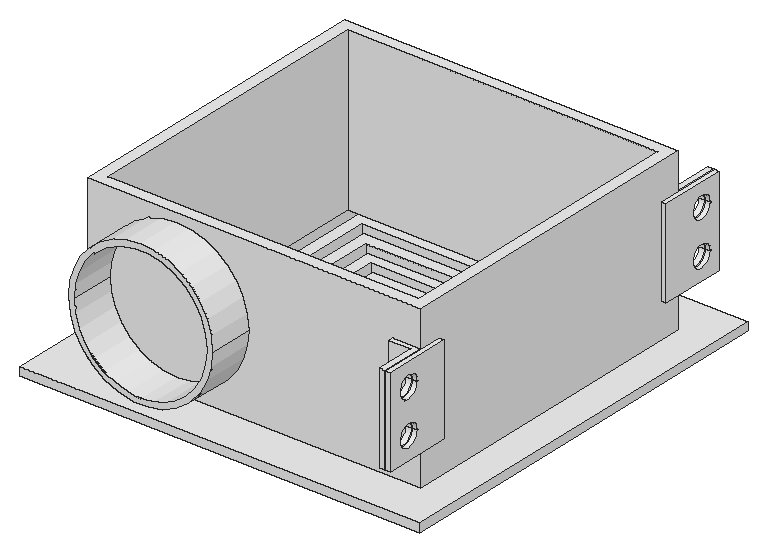
Revit family "Ceiling-Fan_VCDD-005C_Carnes", category Mechanical Equipment, host Ceiling, Revit 2012
Parameters
  ecoScorecard_data = ""
  ecoScorecard Product Page = "http://ecoscorecard.com/"
  Warranty URL = "http://www.carnes.com/GeneralCatalogs/termcond.pdf"
  Housing = Aluminum-Carnes-Spun-Brushed
  URL = "http://www.carnes.com/index.html"
  Specifications URL = ""
  Product Page URL = "http://www.carnes.com/Ventilation/VCDD-VCDK.htm"
  Parts List URL = "http://www.carnes.com/Ventilation/pdf/22005.pdf"
  Outer Radius = Duct Radius + 0' 0 1/8"  # 0' - 1 5/8"
  Model = "VCDD 05C"  # constant formula
  Material = ""
  Manufacturer Toll Free Phone = ""
  Manufacturer Phone = "608-845-6411"  # constant formula
  Manufacturer Fax = "608-845-6470"  # constant formula
  Manufacturer Email = "mailto:carnes@carnes.com"
  Manufacturer Address = "448 S. Main St., P. O. Box 930040, Verona, WI 53593-0040"  # constant formula
  Manufacturer = "CARNES COMPANY"  # constant formula
  IOM Instructions URL = "http://www.carnes.com/ventilation/pdf/11233.pdf"
  Grill Size = "9 x 9-1/4"
  Grill Depth = 0' - 0 3/8"
  Duct Radius = 0' - 1 1/2"
  Duct Connector = "3\""
  Description = "Ceiling Ventilators"  # constant formula
  Cost Info = "mailto:carnes@carnes.com"
  Catalog URL = "http://www.carnes.com/Ventilation/pdf/C269-C295.pdf"
  Box Size = "7-1/4 x 7-1/2"
  Box Depth = 0' - 3 5/8"
  Assembly Code = "D3040200"
  95 CSI = "15850"  # constant formula
  04 CSI = "23 37 13"  # constant formula
Reference planes (in)
  plane 1 "Center (Front/Back)": y = 0
  plane 2 "Ceiling": z = 96
  plane 3 "Center (Left/Right)": x = 0
  plane 4: y = 3.625
  plane 5: x = -3.75
  plane 6: y = -3.625
  plane 7: x = 3.75
  plane 8: z = 95.625
  plane 9: z = 99.625
  plane 10: y = 4.625
  plane 11: x = -4.5
  plane 12: y = 3.375
  plane 13: y = -4.625
  plane 14: x = 4.5
Forms (in)
  Sweep 1, solid, material "Aluminum-Carnes-Spun-Brushed" <- "Housing", detail levels fine
    path origin (-0.01959, 0, 96) x (0, -1, 0) y (1, 0, 0)
      loop
        line (-3.625, -3.75) -> (3.625, -3.75) -> (3.625, 3.75) -> (-3.625, 3.75) -> (-3.625, -3.75)
    profile origin (-0.01959, 3.625, 96) x (0, 1, 0) y (0, 0, 1)
      loop
        line (0, 3.625) -> (-0.25, 3.625) -> (-0.25, 0) -> (0, 0) -> (0, 3.625)
  Extrusion 2, solid, material "Aluminum-Carnes-Spun-Brushed" <- "Housing", detail levels fine
    sketch origin (-0.01959, 0, 96) x (0, 1, 0) y (0, 0, 1)
      loop
        line (-3.125, 0.8125) -> (-3.125, 2.8125) -> (-4.625, 2.8125) -> (-4.625, 0.8125) -> (-3.125, 0.8125)
      loop
        line (4.625, 2.8125) -> (3.125, 2.8125) -> (3.125, 0.8125) -> (4.625, 0.8125) -> (4.625, 2.8125)
      loop
        circle (-4.125, 1.31993) r 0.25
      loop
        circle (-4.125, 2.30507) r 0.25
      loop
        circle (4.125, 1.31993) r 0.25
      loop
        circle (4.125, 2.30507) r 0.25
    from 3.75 to 3.875
  Extrusion 3, solid, material "Aluminum-Carnes-Spun-Brushed" <- "Housing", detail levels fine
    sketch origin (-0.01959, 0, 96) x (0, -1, 0) y (1, 0, 0)
      loop
        line (3.625, 3.125) -> (3.75, 3.125) -> (3.75, 3.625) -> (4.625, 3.625) -> (4.625, 3.75) -> (3.625, 3.75) -> (3.625, 3.125)
      loop
        line (-3.625, 3.125) -> (-3.625, 3.75) -> (-4.625, 3.75) -> (-4.625, 3.625) -> (-3.75, 3.625) -> (-3.75, 3.125) -> (-3.625, 3.125)
    from 2.8125 to 0.8125
  Extrusion 4, void
    sketch origin (-0.01959, 0, 96) x (0, 1, 0) y (0, 0, 1)
      loop
        circle (4.125, 1.31993) r 0.25
      loop
        circle (4.125, 2.30507) r 0.25
      loop
        circle (-4.125, 1.31993) r 0.25
      loop
        circle (-4.125, 2.30507) r 0.25
    from 3.5 to 3.875
  Extrusion 5, solid, material "Aluminum-Carnes-Spun-Brushed" <- "Housing", detail levels fine
    sketch origin (-0.01959, 0, 96) x (1, 0, 0) y (0, 0, 1)
      loop
        circle (-1.75, 1.8125) r 1.5
      loop
        circle (-1.75, 1.8125) r 1.625
    from 3.625 to 4.625
Cuts and joins
  Extrusion 4 cuts Extrusion 2
  Extrusion 4 cuts Extrusion 3
Lines and regions (in)
  Opening 1
    outline origin (-60, 60, 97) x (-1, 0, 0) y (0, -1, 0)
      loop
        line (-55.5, 55.375) -> (-55.5, 64.625) -> (-64.5, 64.625) -> (-64.5, 55.375) -> (-55.5, 55.375)
  model lines, detail levels coarse+medium
    curve 1: line (-4.5, -4.625, 96) -> (-4.5, 4.625, 96)
    curve 2: line (-4.5, 4.625, 96) -> (4.5, 4.625, 96)
    curve 3: line (-4.5, -4.625, 96) -> (4.5, -4.625, 96)
    curve 4: line (4.5, -4.625, 96) -> (4.5, 4.625, 96)
Dimensions and locks (in)
  equal spacing: host sketch curve, plane 3 "Center (Left/Right)", host sketch curve
  equal spacing: host sketch curve, plane 1 "Center (Front/Back)", host sketch curve
  host sketch curve to host sketch curve = 10' - 0"  (x2)
  equal spacing: plane 5, plane 3 "Center (Left/Right)", plane 7
  plane 5 to plane 7 = 0' - 7 1/2"
  equal spacing: plane 4, plane 1 "Center (Front/Back)", plane 6
  plane 4 to plane 6 = 0' - 7 1/4"
  "Grill Depth": plane 2 "Ceiling" to plane 8
  "Box Depth": plane 9 to plane 2 "Ceiling"
  locked: Extrusion 3 sketch curve to Extrusion 3 sketch curve at 0.5
  equal spacing: plane 10, plane 1 "Center (Front/Back)", plane 13
  plane 10 to plane 13 = 0' - 9 1/4"
  equal spacing: plane 11, plane 3 "Center (Left/Right)", plane 14
  plane 11 to plane 14 = 0' - 9"
  "Duct Radius": radius of Extrusion 5 sketch curve
  "Outer Radius": radius of Extrusion 5 sketch curve
  aligned and locked: Extrusion 2 sketch curve to Extrusion 2 sketch curve  (x2)
  aligned and locked: Extrusion 3 to Extrusion 2
  aligned and locked: Extrusion 2 to Extrusion 3
  aligned and locked: Extrusion 4 to Extrusion 2
  aligned and locked: Extrusion 4 to Sweep 1
  aligned and locked: plane 12 to Sweep 1 sketch curve
  aligned and locked: Opening 1 sketch curve to plane 14
  aligned and locked: Opening 1 sketch curve to plane 10
  aligned and locked: Opening 1 sketch curve to plane 11
  aligned and locked: Opening 1 sketch curve to plane 13
  aligned and locked: curve 1 to plane 11
  aligned and locked: curve 2 to plane 10
  aligned and locked: plane 13 to curve 3
  aligned and locked: plane 14 to curve 4
Automatic sketch dimensions
  Sweep 1 sketch curve to plane 4 = 0' - 0"
  plane 6 to Sweep 1 sketch curve = 0' - 0"
  Sweep 1 sketch curve to plane 5 = 0' - 0.01959"
  plane 7 to Sweep 1 sketch curve = 0' - 0.01959"
  Sweep 1 sketch curve to profile plane = 0' - 0"  (x2)
  Sweep 1 sketch curve to Sweep 1 sketch curve = 0' - 3 5/8"
  plane 6 to Extrusion 2 sketch curve = 0' - 1"
  plane 6 to Extrusion 2 sketch curve = 0' - 0 1/2"  (x2)
  Extrusion 2 sketch curve to plane 6 = 0' - 0 1/2"
  Extrusion 2 sketch curve to plane 4 = 0' - 0 1/2"
  plane 4 to Extrusion 2 sketch curve = 0' - 0 1/2"  (x2)
  Extrusion 2 sketch curve to Extrusion 2 sketch curve = 0' - 0 1/2"
  plane 2 "Ceiling" to Extrusion 2 sketch curve = 0' - 0 13/16"
  Extrusion 2 sketch curve to Extrusion 2 sketch curve = 0' - 0.50743"  (x3)
  Extrusion 2 sketch curve to Extrusion 2 sketch curve = 0' - 0.98513"  (x2)
  Extrusion 3 sketch curve to plane 4 = 0' - 0"
  plane 6 to Extrusion 3 sketch curve = 0' - 0"
  Extrusion 3 sketch curve to Extrusion 3 sketch curve = 0' - 0 1/8"  (x2)
  plane 7 to Extrusion 3 sketch curve = 0' - 0.01959"  (x2)
  Extrusion 3 sketch curve to Extrusion 3 sketch curve = 0' - 0 7/8"  (x2)
  plane 6 to Extrusion 3 sketch curve = 0' - 0 1/8"
  plane 7 to Extrusion 3 sketch curve = 0' - 0.14459"
  Extrusion 3 sketch curve to Extrusion 3 sketch curve = 0' - 0 5/8"
  Extrusion 4 sketch curve to Extrusion 4 sketch curve = 0' - 0"  (x8)
  plane 6 to Extrusion 4 sketch curve = 0' - 0 3/4"  (x2)
  Extrusion 4 sketch curve to Extrusion 4 sketch curve = 0' - 0 1/4"  (x4)
  plane 4 to Extrusion 4 sketch curve = 0' - 0 1/4"  (x2)
  plane 2 "Ceiling" to Extrusion 4 sketch curve = 0' - 1.31993"  (x2)
  Extrusion 4 sketch curve to Extrusion 4 sketch curve = 0' - 0.98513"  (x2)
  Extrusion 5 sketch curve to Extrusion 5 sketch curve = 0' - 0"  (x2)
  plane 5 to Extrusion 5 sketch curve = 0' - 0.35541"
  plane 2 "Ceiling" to Extrusion 5 sketch curve = 0' - 1 13/16"
  radius of Extrusion 2 sketch curve = 0' - 0 1/4"  (x4)
Nested families (in)
  nested 1: "Grill 1" at (0, 0, 95.625), type "Grill 1", detail levels fine
Definition of nested family "Grill 1"
  Parameters (values of type "Grill 1")
    Width = 0' - 9"
    Height = 0' - 0 3/8"
    Grill = Aluminum-Carnes-Spun-Brushed
    Depth = 0' - 9 1/4"
    Default Elevation = 4' - 0"
    Assembly Code = ""
  Reference planes (in)
    plane 1 "Center (Front/Back)": y = 0
    plane 2: z = 0
    plane 3 "Center (Left/Right)": x = 0
    plane 4: x = -4.5
    plane 5: x = 4.5
    plane 6: y = 4.625
    plane 7: y = -4.625
    plane 8: z = 0.375
  Forms (in)
    Sweep 1, solid, material "Aluminum-Carnes-Spun-Brushed" <- "Grill"
      path origin (0, 0, 0) x (1, 0, 0) y (0, 1, 0)
        loop
          line (-4.5, 4.625) -> (-4.5, -4.625) -> (4.5, -4.625) -> (4.5, 4.625) -> (-4.5, 4.625)
      profile origin (0, 4.625, 0) x (0, 1, 0) y (0, 0, 1)
        loop
          line (0, 0.375) -> (-1, 0.375) -> (-1, 0) -> (-0.54372, 0) -> (0, 0.1875) -> (0, 0.375)
    Sweep 2, solid, material "Aluminum-Carnes-Spun-Brushed" <- "Grill"
      path in 3D
        loop
          line (-3.5, 3.625, 0.375) -> (3.5, 3.625, 0.375) -> (3.5, -3.625, 0.375) -> (-3.5, -3.625, 0.375) -> (-3.5, 3.625, 0.375)
      profile origin (-3.5, 0, 0.375) x (-1, 0, 0) y (0, 0, 1)
        loop
          line (-0.25, -0.1875) -> (-0.25, 0) -> (-0.5, 0) -> (-0.5, -0.375) -> (-0.375, -0.375) -> (-0.25, -0.1875)
    Sweep 3, solid, material "Aluminum-Carnes-Spun-Brushed" <- "Grill"
      path in 3D
        loop
          line (3, 3.125, 0.375) -> (3, -3.125, 0.375) -> (-3, -3.125, 0.375) -> (-3, 3.125, 0.375) -> (3, 3.125, 0.375)
      profile origin (0, 3.125, 0.375) x (0, 1, 0) y (0, 0, 1)
        loop
          line (-0.25, -0.1875) -> (-0.25, 0) -> (-0.5, 0) -> (-0.5, -0.375) -> (-0.375, -0.375) -> (-0.25, -0.1875)
    Sweep 4, solid, material "Aluminum-Carnes-Spun-Brushed" <- "Grill"
      path in 3D
        loop
          line (2.5, 2.625, 0.375) -> (2.5, -2.625, 0.375) -> (-2.5, -2.625, 0.375) -> (-2.5, 2.625, 0.375) -> (2.5, 2.625, 0.375)
      profile origin (0, 2.625, 0.375) x (0, 1, 0) y (0, 0, 1)
        loop
          line (-0.25, -0.1875) -> (-0.25, 0) -> (-0.5, 0) -> (-0.5, -0.375) -> (-0.375, -0.375) -> (-0.25, -0.1875)
    Sweep 5, solid, material "Aluminum-Carnes-Spun-Brushed" <- "Grill"
      path in 3D
        loop
          line (2, 2.125, 0.375) -> (2, -2.125, 0.375) -> (-2, -2.125, 0.375) -> (-2, 2.125, 0.375) -> (2, 2.125, 0.375)
      profile origin (0, 2.125, 0.375) x (0, 1, 0) y (0, 0, 1)
        loop
          line (-0.25, -0.1875) -> (-0.25, 0) -> (-0.5, 0) -> (-0.5, -0.375) -> (-0.375, -0.375) -> (-0.25, -0.1875)
    Sweep 6, solid, material "Aluminum-Carnes-Spun-Brushed" <- "Grill"
      path in 3D
        loop
          line (-1.5, 1.625, 0.375) -> (1.5, 1.625, 0.375) -> (1.5, -1.625, 0.375) -> (-1.5, -1.625, 0.375) -> (-1.5, 1.625, 0.375)
      profile origin (-1.5, 0, 0.375) x (-1, 0, 0) y (0, 0, 1)
        loop
          line (-0.25, -0.1875) -> (-0.25, 0) -> (-0.5, 0) -> (-0.5, -0.375) -> (-0.375, -0.375) -> (-0.25, -0.1875)
    Sweep 7, solid, material "Aluminum-Carnes-Spun-Brushed" <- "Grill"
      path in 3D
        loop
          line (-1, 1.125, 0.375) -> (1, 1.125, 0.375) -> (1, -1.125, 0.375) -> (-1, -1.125, 0.375) -> (-1, 1.125, 0.375)
      profile origin (-1, 0, 0.375) x (-1, 0, 0) y (0, 0, 1)
        loop
          line (-0.5, -0.375) -> (-0.5, 0) -> (-0.75, 0) -> (-0.75, -0.375) -> (-0.5, -0.375)
    Extrusion 8, solid, material "Aluminum-Carnes-Spun-Brushed" <- "Grill"
      sketch origin (0, 0, 0) x (1, 0, 0) y (0, 1, 0)
        loop
          line (-0.25, 0.375) -> (-0.25, -0.375) -> (0.25, -0.375) -> (0.25, 0.375) -> (-0.25, 0.375)
      from 0 to 0.375
    Extrusion 9, solid, material "Aluminum-Carnes-Spun-Brushed" <- "Grill"
      sketch origin (0, 0, 0) x (1, 0, 0) y (0, 1, 0)
        loop
          line (-0.125, 0.625) -> (0.125, 0.625) -> (0.125, 1.125) -> (-0.125, 1.125) -> (-0.125, 0.625)
        loop
          line (0.125, 3.625) -> (-0.125, 3.625) -> (-0.125, 3.375) -> (0.125, 3.375) -> (0.125, 3.625)
        loop
          line (-0.125, 3.125) -> (-0.125, 2.875) -> (0.125, 2.875) -> (0.125, 3.125) -> (-0.125, 3.125)
        loop
          line (-0.125, 2.625) -> (-0.125, 2.375) -> (0.125, 2.375) -> (0.125, 2.625) -> (-0.125, 2.625)
        loop
          line (-0.125, 2.125) -> (-0.125, 1.875) -> (0.125, 1.875) -> (0.125, 2.125) -> (-0.125, 2.125)
        loop
          line (-0.125, 1.625) -> (-0.125, 1.375) -> (0.125, 1.375) -> (0.125, 1.625) -> (-0.125, 1.625)
      from 0 to 0.375
    Extrusion 10, solid, material "Aluminum-Carnes-Spun-Brushed" <- "Grill"
      sketch origin (0, 0, 0) x (1, 0, 0) y (0, 1, 0)
        loop
          line (3.5, -0.125) -> (3.5, 0.125) -> (3.25, 0.125) -> (3.25, -0.125) -> (3.5, -0.125)
        loop
          line (3, 0.125) -> (2.75, 0.125) -> (2.75, -0.125) -> (3, -0.125) -> (3, 0.125)
        loop
          line (2.5, 0.125) -> (2.25, 0.125) -> (2.25, -0.125) -> (2.5, -0.125) -> (2.5, 0.125)
        loop
          line (2, 0.125) -> (1.75, 0.125) -> (1.75, -0.125) -> (2, -0.125) -> (2, 0.125)
        loop
          line (1.5, 0.125) -> (1.25, 0.125) -> (1.25, -0.125) -> (1.5, -0.125) -> (1.5, 0.125)
        loop
          line (1, 0.125) -> (0.5, 0.125) -> (0.5, -0.125) -> (1, -0.125) -> (1, 0.125)
      from 0 to 0.375
    Extrusion 11, solid, material "Aluminum-Carnes-Spun-Brushed" <- "Grill"
      sketch origin (0, 0, 0) x (1, 0, 0) y (0, 1, 0)
        loop
          line (-3.5, 0.125) -> (-3.5, -0.125) -> (-3.25, -0.125) -> (-3.25, 0.125) -> (-3.5, 0.125)
        loop
          line (-0.5, -0.125) -> (-0.5, 0.125) -> (-1, 0.125) -> (-1, -0.125) -> (-0.5, -0.125)
        loop
          line (-3, -0.125) -> (-2.75, -0.125) -> (-2.75, 0.125) -> (-3, 0.125) -> (-3, -0.125)
        loop
          line (-2.5, -0.125) -> (-2.25, -0.125) -> (-2.25, 0.125) -> (-2.5, 0.125) -> (-2.5, -0.125)
        loop
          line (-2, -0.125) -> (-1.75, -0.125) -> (-1.75, 0.125) -> (-2, 0.125) -> (-2, -0.125)
        loop
          line (-1.5, -0.125) -> (-1.25, -0.125) -> (-1.25, 0.125) -> (-1.5, 0.125) -> (-1.5, -0.125)
      from 0 to 0.375
    Extrusion 12, solid, material "Aluminum-Carnes-Spun-Brushed" <- "Grill"
      sketch origin (0, 0, 0) x (1, 0, 0) y (0, 1, 0)
        loop
          line (-0.125, -3.625) -> (0.125, -3.625) -> (0.125, -3.375) -> (-0.125, -3.375) -> (-0.125, -3.625)
        loop
          line (0.125, -0.625) -> (-0.125, -0.625) -> (-0.125, -1.125) -> (0.125, -1.125) -> (0.125, -0.625)
        loop
          line (0.125, -3.125) -> (0.125, -2.875) -> (-0.125, -2.875) -> (-0.125, -3.125) -> (0.125, -3.125)
        loop
          line (0.125, -2.625) -> (0.125, -2.375) -> (-0.125, -2.375) -> (-0.125, -2.625) -> (0.125, -2.625)
        loop
          line (0.125, -2.125) -> (0.125, -1.875) -> (-0.125, -1.875) -> (-0.125, -2.125) -> (0.125, -2.125)
        loop
          line (0.125, -1.625) -> (0.125, -1.375) -> (-0.125, -1.375) -> (-0.125, -1.625) -> (0.125, -1.625)
      from 0 to 0.375
  Cuts and joins
    joined: Sweep 1, Sweep 2, Sweep 3, Sweep 4, Sweep 5, Sweep 6, Sweep 7, Extrusion 8, Extrusion 9, Extrusion 10, Extrusion 11, Extrusion 12
  Lines and regions (in)
    sketch lines
      curve 1: line (-3.5, -3.625, 0.375) -> (-3.5, 3.625, 0.375)
      curve 2: line (3.5, -3.625, 0.375) -> (-3.5, -3.625, 0.375)
      curve 3: line (3.5, 3.625, 0.375) -> (3.5, -3.625, 0.375)
      curve 4: line (-3.5, 3.625, 0.375) -> (3.5, 3.625, 0.375)
      curve 5: line (-3, 3.125, 0.375) -> (3, 3.125, 0.375)
      curve 6: line (-3, -3.125, 0.375) -> (-3, 3.125, 0.375)
      curve 7: line (3, -3.125, 0.375) -> (-3, -3.125, 0.375)
      curve 8: line (3, 3.125, 0.375) -> (3, -3.125, 0.375)
      curve 9: line (-2.5, 2.625, 0.375) -> (2.5, 2.625, 0.375)
      curve 10: line (-2.5, -2.625, 0.375) -> (-2.5, 2.625, 0.375)
      curve 11: line (2.5, -2.625, 0.375) -> (-2.5, -2.625, 0.375)
      curve 12: line (2.5, 2.625, 0.375) -> (2.5, -2.625, 0.375)
      curve 13: line (-2, 2.125, 0.375) -> (2, 2.125, 0.375)
      curve 14: line (-2, -2.125, 0.375) -> (-2, 2.125, 0.375)
      curve 15: line (2, -2.125, 0.375) -> (-2, -2.125, 0.375)
      curve 16: line (2, 2.125, 0.375) -> (2, -2.125, 0.375)
      curve 17: line (-1.5, -1.625, 0.375) -> (-1.5, 1.625, 0.375)
      curve 18: line (1.5, -1.625, 0.375) -> (-1.5, -1.625, 0.375)
      curve 19: line (1.5, 1.625, 0.375) -> (1.5, -1.625, 0.375)
      curve 20: line (-1.5, 1.625, 0.375) -> (1.5, 1.625, 0.375)
      curve 21: line (-1, -1.125, 0.375) -> (-1, 1.125, 0.375)
      curve 22: line (1, -1.125, 0.375) -> (-1, -1.125, 0.375)
      curve 23: line (1, 1.125, 0.375) -> (1, -1.125, 0.375)
      curve 24: line (-1, 1.125, 0.375) -> (1, 1.125, 0.375)
  Dimensions and locks (in)
    equal spacing: plane 6, plane 1 "Center (Front/Back)", plane 7
    equal spacing: plane 4, plane 3 "Center (Left/Right)", plane 5
    "Width": plane 4 to plane 5
    "Depth": plane 6 to plane 7
    "Height": plane 8 to plane 2
    locked: profile plane to Sweep 1 sketch curve at 0.54372
    locked: plane 8 to Sweep 1 sketch curve at 0.1875
    equal spacing: Extrusion 9 sketch curve, plane 3 "Center (Left/Right)", Extrusion 9 sketch curve
    equal spacing: Extrusion 10 sketch curve, plane 1 "Center (Front/Back)", Extrusion 10 sketch curve
    aligned and locked: plane 2 to level
    aligned and locked: Sweep 1 sketch curve to plane 6
    aligned and locked: Sweep 1 sketch curve to plane 4
    aligned and locked: Sweep 1 sketch curve to plane 7
    aligned and locked: Sweep 1 sketch curve to plane 5
    aligned and locked: Sweep 1 sketch curve to profile plane
    aligned and locked: Sweep 1 sketch curve to plane 8
    aligned and locked: profile plane to Sweep 1 sketch curve
    aligned and locked: profile plane to Sweep 2 sketch curve
    aligned and locked: level to Sweep 2 sketch curve
    aligned and locked: profile plane to Sweep 3 sketch curve
    aligned and locked: level to Sweep 3 sketch curve
    aligned and locked: profile plane to Sweep 4 sketch curve
    aligned and locked: level to Sweep 4 sketch curve
    aligned and locked: profile plane to Sweep 5 sketch curve
    aligned and locked: level to Sweep 5 sketch curve
    aligned and locked: profile plane to Sweep 6 sketch curve
    aligned and locked: level to Sweep 6 sketch curve
    aligned and locked: profile plane to Sweep 7 sketch curve
    aligned and locked: level to Sweep 7 sketch curve
    aligned and locked: Extrusion 8 sketch curve to Sweep 7  (x4)
    aligned and locked: Extrusion 8 to plane 2
    aligned and locked: plane 8 to Extrusion 8
    aligned and locked: Sweep 1 to Extrusion 9 sketch curve
    aligned and locked: Sweep 2 to Extrusion 9 sketch curve  (x2)
    aligned and locked: Sweep 3 to Extrusion 9 sketch curve
    aligned and locked: Sweep 4 to Extrusion 9 sketch curve
    aligned and locked: Sweep 5 to Extrusion 9 sketch curve  (x2)
    aligned and locked: Extrusion 9 sketch curve to Extrusion 9 sketch curve  (x10)
    aligned and locked: Extrusion 9 to plane 2
    aligned and locked: plane 8 to Extrusion 9
    aligned and locked: cut or joined group 1 (Sweep 1, Sweep 2, Sweep 3, Sweep 4, Sweep 5, Sweep 6, Sweep 7, Extrusion 8, Extrusion 9, Extrusion 10, Extrusion 11, Extrusion 12) to Extrusion 10 sketch curve  (x11)
    aligned and locked: Extrusion 10 sketch curve to Extrusion 10 sketch curve  (x10)
    aligned and locked: Extrusion 10 to plane 2
    aligned and locked: plane 8 to Extrusion 10
    aligned and locked: cut or joined group 1 to Extrusion 11 sketch curve  (x12)
    aligned and locked: Extrusion 11 to plane 2
    aligned and locked: plane 8 to Extrusion 11
    aligned and locked: cut or joined group 1 to Extrusion 12 sketch curve  (x12)
    aligned and locked: Extrusion 12 to plane 2
    aligned and locked: plane 8 to Extrusion 12
  Automatic sketch dimensions
    Sweep 1 sketch curve to Sweep 1 sketch curve = 0' - 0.45628"
    profile plane to Sweep 2 sketch curve = 0' - 0 1/2"
    Sweep 2 sketch curve to Sweep 2 sketch curve = 0' - 0 1/8"
    profile plane to Sweep 2 sketch curve = 0' - 0 1/4"
    Sweep 2 sketch curve to Sweep 2 sketch curve = 0' - 0 3/16"
    profile plane to Sweep 3 sketch curve = 0' - 0 1/2"
    Sweep 3 sketch curve to Sweep 3 sketch curve = 0' - 0 1/8"
    profile plane to Sweep 3 sketch curve = 0' - 0 1/4"
    Sweep 3 sketch curve to Sweep 3 sketch curve = 0' - 0 3/16"
    profile plane to Sweep 4 sketch curve = 0' - 0 1/2"
    Sweep 4 sketch curve to Sweep 4 sketch curve = 0' - 0 1/8"
    Sweep 4 sketch curve to Sweep 4 sketch curve = 0' - 0 1/4"
    Sweep 4 sketch curve to profile plane = 0' - 0 3/16"
    profile plane to Sweep 5 sketch curve = 0' - 0 1/2"
    Sweep 5 sketch curve to Sweep 5 sketch curve = 0' - 0 1/8"
    Sweep 5 sketch curve to Sweep 5 sketch curve = 0' - 0 1/4"
    Sweep 5 sketch curve to profile plane = 0' - 0 3/16"
    profile plane to Sweep 6 sketch curve = 0' - 0 1/2"
    Sweep 6 sketch curve to Sweep 6 sketch curve = 0' - 0 1/8"
    Sweep 6 sketch curve to Sweep 6 sketch curve = 0' - 0 1/4"
    Sweep 6 sketch curve to profile plane = 0' - 0 3/16"
    profile plane to Sweep 7 sketch curve = 0' - 0 3/4"
    Sweep 7 sketch curve to Sweep 7 sketch curve = 0' - 0 1/4"
    Extrusion 9 sketch curve to plane 3 "Center (Left/Right)" = 0' - 0 1/8"
    Extrusion 10 sketch curve to plane 1 "Center (Front/Back)" = 0' - 0 1/8"
    Extrusion 10 sketch curve to Extrusion 10 sketch curve = 0' - 0 1/4"
    Extrusion 9 sketch curve to Extrusion 9 sketch curve = 0' - 0 1/4"  (x4)
    Extrusion 9 sketch curve to Extrusion 9 sketch curve = 0' - 0 1/2"
    Extrusion 11 sketch curve to plane 1 "Center (Front/Back)" = 0' - 0 1/8"  (x4)
    Extrusion 11 sketch curve to Extrusion 11 sketch curve = 0' - 0"  (x4)
    plane 1 "Center (Front/Back)" to Extrusion 11 sketch curve = 0' - 0 1/8"  (x4)
    Extrusion 12 sketch curve to plane 3 "Center (Left/Right)" = 0' - 0 1/8"  (x3)
    Extrusion 12 sketch curve to Extrusion 12 sketch curve = 0' - 0"  (x8)
    plane 3 "Center (Left/Right)" to Extrusion 12 sketch curve = 0' - 0 1/8"
